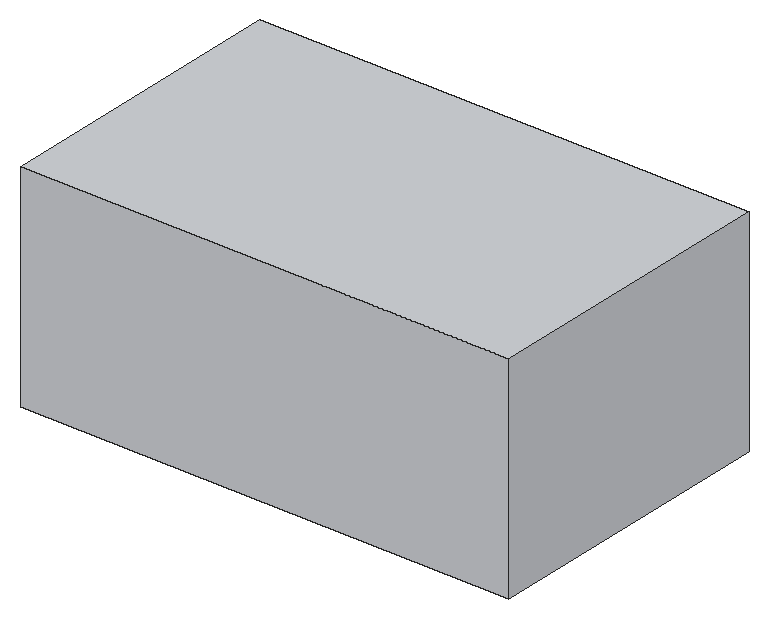
Revit family "M_Caixa universal - Três tomadas - Alumínio", category Conexões do conduite, Revit 2019
Family settings
  Cota do conector redondo = Usar raio
  Tipo de parte = Múltiplas portas
  Número OmniClass = 23.80.30.17.11
  Título OmniClass = Conduits
  ID de item do Seek = Universal Box - Three Outlets - Aluminum-0000-CAN-ENU
  Com base no plano de trabalho = Não
  Sempre na vertical = Sim
  Corte com vazios quando carregada = Não
  Compartilhado = Não
Parameters (values of type "Caixa de tomada única")
  Largura externa = 71 mm
  Largura [instance] = if(not(Diâmetro nominal máximo 123 > 25.4 mm), Largura externa, 6 * Diâmetro nominal máximo 123)  # 71 mm
  Raio nominal 3 [instance] = 8 mm
  Raio nominal 2 [instance] = 8 mm
  Raio nominal 1 [instance] = 8 mm
  Diâmetro nominal 3 [instance] = Raio nominal 3 * 2  # 16 mm
  Diâmetro nominal 2 [instance] = Raio nominal 2 * 2  # 16 mm
  Diâmetro nominal 1 [instance] = Raio nominal 1 * 2  # 16 mm
  Diâmetro nominal máximo 123 [instance] = if(Diâmetro nominal máximo 12 > Diâmetro nominal 3, Diâmetro nominal máximo 12, Diâmetro nominal 3)  # 16 mm
  Diâmetro nominal máximo 12 [instance] = if(Diâmetro nominal 1 > Diâmetro nominal 2, Diâmetro nominal 1, Diâmetro nominal 2)  # 16 mm
  Comprimento [instance] = if(not(Diâmetro nominal máximo 123 > 27 mm), 116 mm, 8 * Diâmetro nominal máximo 123)  # 116 mm
  Altura externa = 51 mm
  Altura [instance] = if(not(Diâmetro nominal máximo 123 > 27 mm), Altura externa, if(Diâmetro nominal máximo 123 < 155 mm, 155 mm, Diâmetro nominal máximo 123 * 1.2))  # 51 mm
Types (3, lengths in mm): name | Largura externa | Largura | Altura externa | Altura
  (no name) | 71 | 71 | 51 | 51
  Caixa de tomada única | 71 | 71 | 51 | 51
  Caixa de tomada dupla | 118 | 118 | 52 | 52
Reference planes
  plane 1 "Centro (Frente/Trás)": y = 0
  plane 2: z = 0
  plane 3 "Centro (Esquerda/Direita)": x = 0
  plane 4: y = 35.5
  plane 5: y = -35.5
  plane 6: x = 116
  plane 7: z = -25.5
  plane 8: z = 25.5
Forms (mm)
  Extrusion 1, solid
    sketch origin (0, 0, 0) x (1, 0, 0) y (0, 1, 0)
      loop
        line (0, 35.5) -> (0, -35.5) -> (116, -35.5) -> (116, 35.5) -> (0, 35.5)
    from -25.5 to 25.5
Dimensions and locks
  equal spacing: plane 4, plane 1 "Centro (Frente/Trás)", plane 5
  "Largura": plane 4 to plane 5
  equal spacing: plane 8, plane 2, plane 7
  locked: level to plane 2
  "Altura": plane 8 to plane 7
  "Comprimento": plane 3 "Centro (Esquerda/Direita)" to plane 6
  aligned and locked: Extrusion 1 sketch curve to plane 4
  aligned and locked: plane 5 to Extrusion 1 sketch curve
  aligned and locked: Extrusion 1 sketch curve to plane 6
  aligned: Extrusion 1 to plane 2
  aligned and locked: Extrusion 1 to plane 7
  aligned and locked: plane 8 to Extrusion 1
  aligned and locked: Extrusion 1 to plane 3 "Centro (Esquerda/Direita)"
Automatic sketch dimensions
  plane 3 "Centro (Esquerda/Direita)" to Extrusion 1 sketch curve = 0 mm
Connectors
  cabletrayconduit at (0, 0, 0), diameter 16, driven by "Raio nominal 1"
    settings: on Extrusion 1, index 1, connector width 304.8 mm, connector height 304.8 mm, connector angle 0.00°, system type 32, placement type 0, profile type 0, connector reference index 2, is primary connector yes, connector utility param no, connector description ""
  cabletrayconduit at (116, 0, 0), diameter 16, driven by "Raio nominal 2"
    settings: on Extrusion 1, index 2, connector width 304.8 mm, connector height 304.8 mm, connector angle 0.00°, system type 32, placement type 0, profile type 0, connector reference index 1, is primary connector no, connector utility param no, connector description ""
  cabletrayconduit at (58, 0, -25.5), diameter 16, driven by "Raio nominal 3"
    settings: on Extrusion 1, index 3, connector width 304.8 mm, connector height 304.8 mm, connector angle 0.00°, system type 32, placement type 0, profile type 0, connector reference index -1, is primary connector no, connector utility param no, connector description ""
